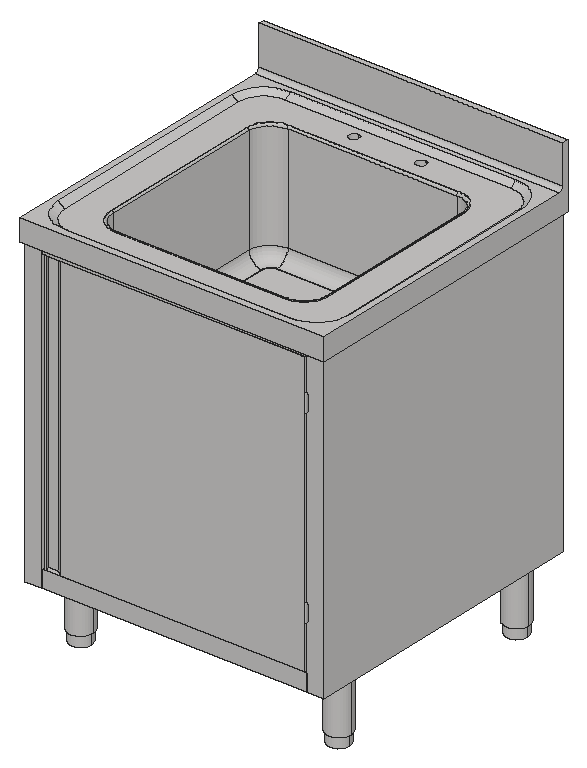
Revit family "QF_ELECTROLUXPROFESSIONAL_134132_GLG716P", category Attrezzature speciali, Revit 2020
Family settings
  Quota connettore circolare = Usa diametro
  Tipo di parte = Normale
  Basato su piano di lavoro = No
  Sempre verticale = Sì
  Taglio con vuoti quando caricato = No
  Condiviso = No
  Punto di calcolo locali = No
Parameters (values of type "Standard")
  Weight = 34.00 kg
  Watts = 0 W
  Volts = 0 V
  URL Manufacturer = "https://www.electroluxprofessional.com/"
  URL = "https://www.electroluxprofessional.com/"
  Steam Supply Size = 0 mm
  Steam Supply Minimum Pressure = 0.0 Pa
  Steam Supply Maximum Pressure = 0.0 Pa
  Steam Consumption per Hour = 0
  Refrigeration Suction Line Size = 0.0 mm
  Refrigeration Liquid Line Size = 0.0 mm
  Refrigerant Compressor Remote = yes
  Prospetto di default = 0.0 mm
  Phase = 0
  Modello = "GLG716P"
  Produttore = "Electrolux Professional"
  Length Actual = 700.0 mm  # constant formula
  Item Number = "134132"
  Hot Water Size = 0 mm
  Height Actual = 1000.0 mm  # constant formula
  HP = "0 HP"
  Gas Size = 0 mm
  Gas KW = 0
  Gas Input Pressure = 0 W
  Direct Waste Size = 0 mm
  Descrizione = "SINK CUPBOARD 1 BOWL 700 MM"
  Depth Actual = 700.0 mm  # constant formula
  Cycle = 0 Hz
  Condensate Return Size = 0 mm
  Compressed Air Volume = 0.0 L/s
  Compressed Air Size = 0 mm
  Compressed Air Pressure = 0.0 Pa
  Cold Water Size = 0 mm
  Accessory = yes
Reference planes
  plane 1 "Center (Front/Back)": y = 0
  plane 2: z = 0
  plane 3 "Center (Left/Right)": x = 150
  plane 4 "LEFT": x = -200
  plane 5 "RIGHT": x = 500
  plane 6 "BACK": y = 350
  plane 7 "FRONT": y = -350
  plane 8 "Base": z = 850
  plane 9 "TOP": z = 900
  plane 10 "Sink_Base": z = 608
  plane 11 "ScaricoX": x = 300
  plane 12 "ScaricoY": y = 127
  plane 13: z = 441
  plane 14: x = 227.5
  plane 15: y = 270
  plane 16: x = 72.5
Forms (mm)
  Extrusion 1, solid, material "QF_Finishes_Stainless Steel"
    sketch origin (150, 0, 0) x (0, 1, 0) y (0, 0, 1)
      loop
        line (-350, 850) -> (350, 850) -> (350, 1000) -> (337, 1000) -> (337, 910)
        arc (337, 910) -> (334.071, 902.929) -> (327, 900) r 10
        line (327, 900) -> (-350, 900) -> (-350, 850)
    from 350 to -350
  Extrusion 2, void
    sketch origin (0, 0, 900) x (0, 1, 0) y (-1, 0, 0)
      loop
        arc (-214, 100) -> (-252.891, 83.891) -> (-269, 45) r 55
        line (-269, 45) -> (-269, -345)
        arc (-269, -345) -> (-252.874, -383.908) -> (-213.951, -400) r 55
        line (-213.951, -400) -> (176.049, -400)
        arc (176.049, -400) -> (214.908, -383.874) -> (231, -345) r 55
        line (231, -345) -> (231, 45)
        arc (231, 45) -> (214.891, 83.891) -> (176, 100) r 55
        line (176, 100) -> (-214, 100)
    from 0 to -50
  Sweep 3, solid, material "QF_Finishes_Stainless Steel"
    path origin (0, 0, 900) x (0, 1, 0) y (-1, 0, 0)
      loop
        line (176, 100) -> (-214, 100)
        arc (-214, 100) -> (-252.891, 83.891) -> (-269, 45) r 55
        line (-269, 45) -> (-269, -345)
        arc (-269, -345) -> (-252.874, -383.908) -> (-213.951, -400) r 55
        line (-213.951, -400) -> (176.049, -400)
        arc (176.049, -400) -> (214.908, -383.874) -> (231, -345) r 55
        line (231, -345) -> (231, 45)
        arc (231, 45) -> (214.891, 83.891) -> (176, 100) r 55
    profile origin (-100, -19, 900) x (1, 0, 0) y (0, 0, 1)
      loop
        arc (5, -15) -> (3.536, -11.464) -> (0, -10) r 5
        line (0, -10) -> (0, -11.5)
        arc (0, -11.5) -> (2.475, -12.525) -> (3.5, -15) r 3.5
        line (3.5, -15) -> (3.5, -260.5)
        arc (3.5, -260.5) -> (12.726, -282.774) -> (35, -292) r 31.5
        line (35, -292) -> (35, -290.5)
        arc (35, -290.5) -> (13.787, -281.713) -> (5, -260.5) r 30
        line (5, -260.5) -> (5, -15)
  Extrusion 4, solid, material "QF_Finishes_Stainless Steel"
    sketch origin (0, 0, 608) x (0, -1, 0) y (1, 0, 0)
      loop
        arc (-196, -45) -> (-190.142, -59.142) -> (-176, -65) r 20
        line (-176, -65) -> (214, -65)
        arc (214, -65) -> (228.142, -59.142) -> (234, -45) r 20
        line (234, -45) -> (234, 345)
        arc (234, 345) -> (228.132, 359.153) -> (213.97, 365) r 20
        line (213.97, 365) -> (-176.03, 365)
        arc (-176.03, 365) -> (-190.153, 359.132) -> (-196, 345) r 20
        line (-196, 345) -> (-196, -45)
    from 0 to 1.5
  Extrusion 5, void
    sketch origin (0, 0, 608) x (0, -1, 0) y (1, 0, 0)
      loop
        circle (-127, 300) r 28
    from 32.343 to -63.145
  Revolve 6, solid, material "QF_Finishes_White"
    sketch origin (300, 0, 0) x (0, -1, 0) y (0, 0, 1)
      loop
        line (-143.5, 592.617) -> (-143.5, 578.5) -> (-142, 578.5) -> (-142, 593.449) -> (-153.558, 600.671) -> (-153.558, 608) -> (-155.058, 608) -> (-155.058, 599.84) -> (-143.5, 592.617)
      axis (-127, 608) -> (-127, 578.5)
    angle from 0 to 360
  Extrusion 7, void
    sketch origin (0, 0, 608) x (0, -1, 0) y (1, 0, 0)
      loop
        circle (-270, 227.5) r 11.5
      loop
        circle (-270, 72.5) r 11.5
    from 242 to 292
  Blend 8, void
    base sketch origin (0, 0, 900) x (0, 1, 0) y (-1, 0, 0)
      loop
        arc (314.887, 109.887) -> (292.92, 162.92) -> (239.887, 184.887) r 75
        line (239.887, 184.887) -> (-259.887, 184.887)
        arc (-259.887, 184.887) -> (-312.92, 162.92) -> (-334.887, 109.887) r 75
        line (-334.887, 109.887) -> (-334.887, -409.887)
        arc (-334.887, -409.887) -> (-312.92, -462.92) -> (-259.887, -484.887) r 75
        line (-259.887, -484.887) -> (239.887, -484.887)
        arc (239.887, -484.887) -> (292.92, -462.92) -> (314.887, -409.887) r 75
        line (314.887, -409.887) -> (314.887, 109.887)
    top sketch origin (0, 0, 900) x (0, 1, 0) y (-1, 0, 0)
      loop
        arc (299.887, 109.887) -> (282.313, 152.313) -> (239.887, 169.887) r 60
        line (239.887, 169.887) -> (-259.887, 169.887)
        arc (-259.887, 169.887) -> (-302.313, 152.313) -> (-319.887, 109.887) r 60
        line (-319.887, 109.887) -> (-319.887, -409.887)
        arc (-319.887, -409.887) -> (-302.313, -452.313) -> (-259.887, -469.887) r 60
        line (-259.887, -469.887) -> (239.887, -469.887)
        arc (239.887, -469.887) -> (282.313, -452.313) -> (299.887, -409.887) r 60
        line (299.887, -409.887) -> (299.887, 109.887)
    from 0 to -10
Cuts and joins
  Extrusion 2, Extrusion 7, Blend 8 cuts Extrusion 1
  Extrusion 5 cuts Extrusion 4
Lines and regions (mm)
  symbolic lines
    curve 1: line (500, 350, 900) -> (-200, 350, 900)
    curve 2: line (-200, 350, 900) -> (-200, -350, 900)
    curve 3: line (-200, -350, 900) -> (500, -350, 900)
    curve 4: line (500, -350, 900) -> (500, 350, 900)
    curve 5: line (500, 337, 900) -> (-200, 337, 900)
    curve 6: line (-109.887, 314.887, 608) -> (409.887, 314.887, 608)
    curve 7: arc (-109.887, 314.887, 608) -> (-162.92, 292.92, 608) -> (-184.887, 239.887, 608) r 75
    curve 8: line (-184.887, -259.887, 608) -> (-184.887, 239.887, 608)
    curve 9: arc (-184.887, -259.887, 608) -> (-162.92, -312.92, 608) -> (-109.887, -334.887, 608) r 75
    curve 10: line (409.887, -334.887, 608) -> (-109.887, -334.887, 608)
    curve 11: arc (409.887, -334.887, 608) -> (462.92, -312.92, 608) -> (484.887, -259.887, 608) r 75
    curve 12: line (484.887, 239.887, 608) -> (484.887, -259.887, 608)
    curve 13: arc (484.887, 239.887, 608) -> (462.92, 292.92, 608) -> (409.887, 314.887, 608) r 75
    curve 14: arc (400, 176.049, 608) -> (383.874, 214.908, 608) -> (345, 231, 608) r 55
    curve 15: line (-45, 231, 608) -> (345, 231, 608)
    curve 16: arc (-45, 231, 608) -> (-83.891, 214.891, 608) -> (-100, 176, 608) r 55
    curve 17: line (-100, -214, 608) -> (-100, 176, 608)
    curve 18: arc (-100, -214, 608) -> (-83.891, -252.891, 608) -> (-45, -269, 608) r 55
    curve 19: line (345, -269, 608) -> (-45, -269, 608)
    curve 20: arc (345, -269, 608) -> (383.908, -252.874, 608) -> (400, -213.951, 608) r 55
    curve 21: line (400, 176.049, 608) -> (400, -213.951, 608)
    curve 22: line (-45, 196, 608) -> (345, 196, 608)
    curve 23: arc (-45, 196, 608) -> (-59.142, 190.142, 608) -> (-65, 176, 608) r 20
    curve 24: line (-65, -214, 608) -> (-65, 176, 608)
    curve 25: line (345, -234, 608) -> (-45, -234, 608)
    curve 26: arc (-65, -214, 608) -> (-59.142, -228.142, 608) -> (-45, -234, 608) r 20
    curve 27: arc (345, -234, 608) -> (359.153, -228.132, 608) -> (365, -213.97, 608) r 20
    curve 28: line (365, 176.03, 608) -> (365, -213.97, 608)
    curve 29: arc (365, 176.03, 608) -> (359.132, 190.153, 608) -> (345, 196, 608) r 20
    curve 30: circle (300, 127, 608) r 28 normal (0, 0, 1)
    curve 31: circle (300, 127, 608) r 15 normal (0, 0, -1)
    curve 32: circle (72.5, 270, 608) r 11.5 normal (0, 0, 1)
    curve 33: circle (227.5, 270, 608) r 11.5 normal (0, 0, 1)
    curve 34: arc (-109.887, 299.887, 608) -> (-152.313, 282.313, 608) -> (-169.887, 239.887, 608) r 60
    curve 35: line (409.887, 299.887, 608) -> (-109.887, 299.887, 608)
    curve 36: line (-169.887, 239.887, 608) -> (-169.887, -259.887, 608)
    curve 37: arc (-169.887, -259.887, 608) -> (-152.313, -302.313, 608) -> (-109.887, -319.887, 608) r 60
    curve 38: line (-109.887, -319.887, 608) -> (409.887, -319.887, 608)
    curve 39: arc (409.887, -319.887, 608) -> (452.313, -302.313, 608) -> (469.887, -259.887, 608) r 60
    curve 40: line (469.887, -259.887, 608) -> (469.887, 239.887, 608)
    curve 41: arc (469.887, 239.887, 608) -> (452.313, 282.313, 608) -> (409.887, 299.887, 608) r 60
Dimensions and locks
  plane 4 "LEFT" to plane 5 "RIGHT" = 700.0 mm
  equal spacing: plane 4 "LEFT", plane 3 "Center (Left/Right)", plane 5 "RIGHT"
  locked: plane 8 "Base" to level at 850
  locked: Extrusion 1 to level at 1000
  plane 9 "TOP" to level = 900.0 mm
  plane 6 "BACK" to plane 7 "FRONT" = 700.0 mm
  equal spacing: plane 6 "BACK", plane 1 "Center (Front/Back)", plane 7 "FRONT"
  plane 10 "Sink_Base" to level = 608.0 mm
  locked: plane 6 "BACK" to plane 12 "ScaricoY" at 223
  locked: plane 11 "ScaricoX" to plane 5 "RIGHT" at 200
  plane 13 to level = 441.0 mm
  plane 6 "BACK" to plane 15 = 80.0 mm
  plane 16 to plane 14 = 155.0 mm
  equal spacing: plane 16, plane 3 "Center (Left/Right)", plane 14
  aligned and locked: level to plane 2
  aligned and locked: Extrusion 1 to plane 4 "LEFT"
  aligned and locked: plane 5 "RIGHT" to Extrusion 1
  aligned and locked: curve 2 to plane 4 "LEFT"
Automatic sketch dimensions
  Extrusion 1 sketch curve to plane 7 "FRONT" = 0.0 mm
  Extrusion 1 sketch curve to plane 9 "TOP" = 0.0 mm
  Extrusion 1 sketch curve to plane 6 "BACK" = 0.0 mm
  Extrusion 1 sketch curve to plane 8 "Base" = 0.0 mm
  plane 9 "TOP" to Extrusion 1 sketch curve = 10.0 mm
  Extrusion 1 sketch curve to plane 6 "BACK" = 13.0 mm
  Extrusion 1 sketch curve to Extrusion 1 sketch curve = 90.0 mm
  curve 3 to plane 7 "FRONT" = 0.0 mm
  curve 5 to plane 5 "RIGHT" = 0.0 mm
  curve 4 to plane 6 "BACK" = 0.0 mm
  curve 5 to plane 6 "BACK" = 13.0 mm
  Extrusion 2 sketch curve to Extrusion 2 sketch curve = 55.0 mm  (x4)
  Extrusion 2 sketch curve to Extrusion 2 sketch curve = 0.0 mm  (x5)
  Sweep 3 sketch curve to Sweep 3 sketch curve = 55.0 mm  (x3)
  Sweep 3 sketch curve to Sweep 3 sketch curve = 0.049 mm  (x2)
  Sweep 3 sketch curve to Sweep 3 sketch curve = 0.0 mm  (x4)
  profile plane to Sweep 3 sketch curve = 0.0 mm
  Sweep 3 sketch curve to profile plane = 3.5 mm
  Sweep 3 sketch curve to Sweep 3 sketch curve = 1.5 mm
  Sweep 3 sketch curve to Sweep 3 sketch curve = 30.0 mm
  Sweep 3 sketch curve to plane 9 "TOP" = 260.5 mm
  Sweep 3 sketch curve to plane 9 "TOP" = 15.0 mm
  Extrusion 4 sketch curve to Extrusion 4 sketch curve = 19.97 mm
  Extrusion 4 sketch curve to Extrusion 4 sketch curve = 20.0 mm  (x4)
  Extrusion 4 sketch curve to Extrusion 4 sketch curve = 0.03 mm  (x2)
  Extrusion 4 sketch curve to Extrusion 4 sketch curve = 0.0 mm  (x2)
  Extrusion 5 sketch curve to plane 11 "ScaricoX" = 0.0 mm
  Extrusion 5 sketch curve to plane 12 "ScaricoY" = 0.0 mm
  Revolve 6 sketch curve to plane 12 "ScaricoY" = 0.0 mm
  plane 12 "ScaricoY" to Revolve 6 sketch curve = 15.0 mm
  Revolve 6 sketch curve to Revolve 6 sketch curve = 1.5 mm  (x2)
  plane 10 "Sink_Base" to Revolve 6 sketch curve = 7.329 mm
  Revolve 6 sketch curve to Revolve 6 sketch curve = 10.058 mm
  plane 10 "Sink_Base" to Revolve 6 sketch curve = 8.16 mm
  Revolve 6 sketch curve to Revolve 6 sketch curve = 7.222 mm
  Revolve 6 sketch curve to Revolve 6 sketch curve = 0.831 mm
  Revolve 6 sketch curve to Revolve 6 sketch curve = 14.117 mm
  Revolve 6 sketch curve to Revolve 6 sketch curve = 24.0 mm
  Revolve 6 sketch curve to plane 10 "Sink_Base" = 0.0 mm
  Revolve 6 sketch curve to plane 10 "Sink_Base" = 26.5 mm
  Extrusion 7 sketch curve to plane 15 = 0.0 mm  (x2)
  Extrusion 7 sketch curve to plane 14 = 0.0 mm
  Extrusion 7 sketch curve to plane 16 = 0.0 mm
  curve 16 to curve 23 = 0.0 mm  (x3)
  curve 6 to plane 6 "BACK" = 35.113 mm
  plane 4 "LEFT" to curve 8 = 15.113 mm
  curve 16 to curve 22 = 35.0 mm
  plane 12 "ScaricoY" to curve 21 = 49.049 mm
  curve 22 to curve 16 = 20.0 mm
  curve 22 to curve 14 = 20.0 mm
  curve 20 to plane 11 "ScaricoX" = 45.0 mm
  curve 21 to curve 20 = 0.049 mm
  curve 20 to curve 11 = 45.936 mm
  plane 7 "FRONT" to curve 10 = 15.113 mm
  curve 9 to curve 17 = 9.887 mm
  curve 14 to plane 11 "ScaricoX" = 45.0 mm  (x2)
  curve 24 to curve 18 = 0.0 mm
  curve 15 to curve 14 = 0.0 mm
  curve 22 to curve 14 = 0.0 mm
  curve 18 to curve 26 = 0.0 mm
  curve 25 to curve 20 = 0.0 mm
  curve 27 to curve 20 = 0.03 mm
  curve 28 to curve 14 = 0.03 mm
  curve 14 to curve 29 = 0.0 mm  (x3)
  curve 29 to curve 22 = 0.0 mm
  plane 7 "FRONT" to Blend 8 sketch curve = 15.113 mm
  plane 4 "LEFT" to Blend 8 sketch curve = 15.113 mm
  Blend 8 sketch curve to plane 5 "RIGHT" = 15.113 mm
  Blend 8 sketch curve to plane 6 "BACK" = 35.113 mm
  plane 15 to Blend 8 sketch curve = 29.887 mm
  curve 7 to curve 34 = 0.0 mm  (x3)
  curve 30 to curve 31 = 0.0 mm  (x2)
  curve 32 to plane 15 = 0.0 mm
  curve 33 to plane 14 = 0.0 mm
  curve 33 to plane 15 = 0.0 mm
  curve 30 to plane 11 "ScaricoX" = 0.0 mm
  curve 30 to plane 12 "ScaricoY" = 0.0 mm
  curve 32 to plane 16 = 0.0 mm
  curve 6 to curve 35 = 15.0 mm
  curve 9 to curve 37 = 0.0 mm  (x2)
  curve 11 to curve 39 = 0.0 mm  (x3)
  curve 40 to curve 12 = 0.0 mm
  Extrusion 2 sketch curve to Extrusion 2 sketch curve = 0.049 mm
  Extrusion 2 sketch curve to plane 11 "ScaricoX" = 45.0 mm
  Sweep 3 sketch curve to plane 11 "ScaricoX" = 45.0 mm
  Extrusion 4 sketch curve to plane 11 "ScaricoX" = 45.0 mm
  curve 14 to curve 41 = 9.887 mm
  Blend 8 sketch curve to plane 5 "RIGHT" = 90.113 mm
  plane 16 to Extrusion 2 sketch curve = 117.5 mm  (x2)
  plane 16 to Sweep 3 sketch curve = 117.5 mm
  plane 16 to Extrusion 4 sketch curve = 117.5 mm
  plane 4 "LEFT" to Blend 8 sketch curve = 90.113 mm
  plane 7 "FRONT" to Extrusion 2 sketch curve = 136.049 mm
  plane 7 "FRONT" to Sweep 3 sketch curve = 136.049 mm
  plane 7 "FRONT" to Extrusion 4 sketch curve = 136.03 mm
  curve 13 to curve 41 = 0.0 mm  (x2)
  curve 20 to curve 27 = 0.0 mm
  curve 21 to curve 39 = 105.936 mm
  curve 26 to curve 38 = 105.887 mm
  curve 18 to curve 25 = 20.0 mm
  curve 18 to curve 36 = 45.887 mm
  plane 7 "FRONT" to Blend 8 sketch curve = 90.113 mm  (x4)
  plane 7 "FRONT" to Blend 8 sketch curve = 30.113 mm
  plane 12 "ScaricoY" to Extrusion 2 sketch curve = 49.0 mm  (x2)
  plane 12 "ScaricoY" to Sweep 3 sketch curve = 49.0 mm  (x2)
  Sweep 3 sketch curve to plane 15 = 39.0 mm
  plane 12 "ScaricoY" to Extrusion 4 sketch curve = 49.0 mm
  curve 41 to plane 15 = 30.113 mm
  curve 36 to plane 15 = 30.113 mm
  curve 15 to plane 15 = 39.0 mm
  Blend 8 sketch curve to plane 15 = 30.113 mm  (x4)
  radius of Extrusion 5 sketch curve = 28.0 mm
  radius of Extrusion 7 sketch curve = 11.5 mm  (x2)
  radius of curve 30 = 28.0 mm
  radius of curve 31 = 15.0 mm
  radius of curve 32 = 11.5 mm
  radius of curve 33 = 11.5 mm
Nested families
  nested 1: "TAV_W700_1DOOR" at (150, 0, 0), type "TAV_W700_1DOOR"
Connectors
  piping at (300, 127, 578.5), diameter 30
    settings: on Revolve 6, index 1, connector inside diameter 609.6 mm, connector length 0.0 mm, flow factor 0, pipe flow 0.0 L/s, pressure drop 0.0 Pa, fitting loss kfactor 0, connector angle 0.00°, fixture units 0, engagement length 0.0 mm, angle of deflection 0.00°, flow configuration 1, flow direction 2, fitting loss method 0, system type 16, joint type 0, gender type 0, connector reference index -1, connector utility 0, adjustable connector no, is connector primary yes, connector description "Drain"
Definition of nested family "TAV_W700_1DOOR"
  Parameters
    Width = 700.0 mm
    Wdoor = Width / 2  # 350.0 mm
    Right = Width / 2  # 350.0 mm
    Default Elevation = 0.0 mm
    Left = -Width / 2  # -350.0 mm
    Height = 1000.0 mm
    HFeet = 150.0 mm
    HBase = Height - 150.0 mm  # 850.0 mm
    Depth = 700.0 mm
    DY_Feet_Front = 102.6 mm
    DY_Feet_Back = 74.5 mm
    DX_Feet_Right = 47.6 mm
    DX_Feet_Left = 47.6 mm
    BorderLR = 5.5 mm
    BorderFront = 5.5 mm
    BorderBack = 5.5 mm
  Reference planes
    plane 1 "Center (Front/Back)": y = 0
    plane 2: z = 0
    plane 3 "Center (Left/Right)": x = 0
    plane 4 "LEFT": x = -350
    plane 5 "RIGHT": x = 350
    plane 6 "BACK": y = 350
    plane 7 "FRONT": y = -350
    plane 8 "Base": z = 850
    plane 9 "TOP": z = 900
    plane 10 "FeetLeft": x = -296.9
    plane 11 "FeetRight": x = 296.9
    plane 12: y = 270
    plane 13: y = -241.9
    plane 14 "BodyLeft": x = -344.5
    plane 15 "BodyFront": y = -344.5
    plane 16 "BodyRight": x = 344.5
    plane 17 "BodyBack": y = 344.5
    plane 18 "FEET": z = 150
    plane 19: x = 55.5
    plane 20: x = -55.5
  Forms (mm)
    Extrusion 1, solid
      sketch origin (0, 0, 150) x (-1, 0, 0) y (0, -1, 0)
        loop
          line (344.5, 344.5) -> (304.5, 344.5) -> (304.5, -344.5) -> (344.5, -344.5) -> (344.5, 344.5)
        loop
          line (-304.5, -344.5) -> (-304.5, 344.5) -> (-344.5, 344.5) -> (-344.5, -344.5) -> (-304.5, -344.5)
      from 0 to 700
    Extrusion 2, solid
      sketch origin (0, 0, 150) x (-1, 0, 0) y (0, -1, 0)
        loop
          line (304.5, -344.5) -> (304.5, 344.5) -> (-304.5, 344.5) -> (-304.5, -344.5) -> (304.5, -344.5)
      from 0 to 40
    Extrusion 3, solid
      sketch origin (0, 0, 150) x (-1, 0, 0) y (0, -1, 0)
        loop
          line (304.5, -344.5) -> (304.5, -304.5) -> (-304.5, -304.5) -> (-304.5, -344.5) -> (304.5, -344.5)
      from 40 to 700
    Extrusion 4, solid
      sketch origin (0, 0, 0.218) x (0, 1, 0) y (0, 0, 1)
        loop
          line (-304.5, 839.782) -> (-304.5, 850) -> (-344.5, 850) -> (-344.5, 839.782) -> (-304.5, 839.782)
      from -304.5 to 304.5
    Extrusion 5, solid
      sketch origin (-152.5, -14.5, 200) x (0, 1, 0) y (-1, 0, 0)
        loop
          line (-330, -454) -> (-310, -454) -> (-310, 149) -> (-320, 149) -> (-330, 144) -> (-329.106, 142.211) -> (-319.106, 147.211) -> (-319.106, 123.526) -> (-330, 109) -> (-330, -454)
      from -10 to 640
    Extrusion 6, solid
      sketch origin (-152.5, -14.5, 200) x (0, 1, 0) y (-1, 0, 0)
        loop
          circle (-330, -456.5) r 2.5
      from 94 to 134
    Extrusion 7, solid
      sketch origin (-152.5, -14.5, 200) x (0, 1, 0) y (-1, 0, 0)
        loop
          circle (-330, -456.5) r 2.5
      from 527 to 567
    Extrusion 8, solid, detail levels coarse
      sketch origin (-28.5, -798.5, 200) x (-1, 0, 0) y (0, -1, 0)
        loop
          line (-330, -454) -> (-310, -454) -> (-310, 152) -> (-320, 152) -> (-330, 147) -> (-329.106, 145.211) -> (-319.106, 150.211) -> (-319.106, 126.526) -> (-330, 112) -> (-330, -454)
      from -10 to 640
    Extrusion 9, solid, detail levels coarse
      sketch origin (-152.5, -14.5, 200) x (0, 1, 0) y (-1, 0, 0)
        loop
          line (-936, -434) -> (-350, -434) -> (-350, 152)
          arc (-350, 152) -> (-764.365, -19.635) -> (-936, -434) r 586
      from -10 to 640
  Lines and regions (mm)
    symbolic lines, detail levels coarse
      curve 1: line (-350, 350, 150) -> (350, 350, 150)
      curve 2: line (-350, -350, 150) -> (-350, 350, 150)
      curve 3: line (350, -350, 150) -> (-350, -350, 150)
      curve 4: line (350, 350, 150) -> (350, -350, 150)
      curve 5: line (301.5, -945.5, 200) -> (301.5, -364.5, 200)
    symbolic lines
      curve 6: line (281.5, -950.5, 150) -> (291.5, -950.5, 150)
      curve 7: arc (-304.5, -364.5, 150) -> (-132.865, -778.865, 150) -> (281.5, -950.5, 150) r 586
      curve 8: line (281.5, -950.5, 150) -> (291.5, -950.5, 150)
      curve 9: line (291.5, -950.5, 150) -> (301.5, -945.5, 150)
  Dimensions and locks
    equal spacing: plane 4 "LEFT", plane 3 "Center (Left/Right)", plane 5 "RIGHT"
    "HBase": plane 8 "Base" to level
    plane 9 "TOP" to level = 900.0 mm
    "Depth": plane 6 "BACK" to plane 7 "FRONT"
    equal spacing: plane 6 "BACK", plane 1 "Center (Front/Back)", plane 7 "FRONT"
    "BorderFront": plane 15 "BodyFront" to plane 7 "FRONT"
    "BorderBack": plane 6 "BACK" to plane 17 "BodyBack"
    "DY_Feet_Front": plane 13 to plane 15 "BodyFront"
    "DY_Feet_Back": plane 17 "BodyBack" to plane 12
    plane 12 to plane 13 = 511.9 mm
    "HFeet": plane 18 "FEET" to level
    Extrusion 2 to Extrusion 3 sketch curve = 40.0 mm
    "Width": plane 4 "LEFT" to plane 5 "RIGHT"
    "BorderLR": plane 14 "BodyLeft" to plane 4 "LEFT"
    "DX_Feet_Left": plane 10 "FeetLeft" to plane 14 "BodyLeft"
    "BorderLR": plane 5 "RIGHT" to plane 16 "BodyRight"
    "DX_Feet_Right": plane 11 "FeetRight" to plane 16 "BodyRight"
    aligned and locked: level to plane 2
    aligned and locked: plane 10 "FeetLeft" to nested 1
    aligned and locked: nested 1 to plane 13
    aligned and locked: plane 11 "FeetRight" to nested 2
    aligned and locked: nested 2 to plane 13
    aligned and locked: plane 11 "FeetRight" to nested 4
    aligned and locked: nested 4 to plane 12
    aligned and locked: plane 10 "FeetLeft" to nested 3
    aligned and locked: nested 3 to plane 12
    aligned and locked: Extrusion 1 sketch curve to plane 15 "BodyFront"
    aligned and locked: Extrusion 1 sketch curve to plane 17 "BodyBack"
    aligned and locked: plane 15 "BodyFront" to Extrusion 1 sketch curve
    aligned and locked: Extrusion 2 sketch curve to plane 17 "BodyBack"
    aligned and locked: plane 8 "Base" to Extrusion 1
    aligned and locked: plane 14 "BodyLeft" to Extrusion 1 sketch curve
    aligned and locked: plane 16 "BodyRight" to Extrusion 1 sketch curve
    aligned and locked: plane 15 "BodyFront" to Extrusion 2 sketch curve
  Automatic sketch dimensions
    Extrusion 3 sketch curve to plane 17 "BodyBack" = 0.0 mm
    Extrusion 1 sketch curve to plane 10 "FeetLeft" = 7.6 mm
    Extrusion 1 sketch curve to plane 17 "BodyBack" = 0.0 mm
    plane 11 "FeetRight" to Extrusion 1 sketch curve = 7.6 mm
    Extrusion 4 sketch curve to plane 15 "BodyFront" = 0.0 mm
    plane 8 "Base" to Extrusion 4 sketch curve = 0.218 mm
    Extrusion 4 sketch curve to plane 8 "Base" = 10.0 mm
    plane 15 "BodyFront" to Extrusion 4 sketch curve = 40.0 mm
    plane 11 "FeetRight" to Extrusion 2 sketch curve = 7.6 mm
    Extrusion 2 sketch curve to plane 10 "FeetLeft" = 7.6 mm
    plane 11 "FeetRight" to Extrusion 3 sketch curve = 7.6 mm
    Extrusion 3 sketch curve to plane 10 "FeetLeft" = 7.6 mm
    Extrusion 5 sketch curve to plane 15 "BodyFront" = 0.0 mm  (x2)
    plane 10 "FeetLeft" to Extrusion 5 sketch curve = 2.189 mm
    plane 15 "BodyFront" to Extrusion 5 sketch curve = 0.894 mm
    plane 15 "BodyFront" to Extrusion 5 sketch curve = 10.0 mm
    plane 15 "BodyFront" to Extrusion 5 sketch curve = 10.894 mm
    Extrusion 5 sketch curve to Extrusion 5 sketch curve = 9.106 mm
    plane 10 "FeetLeft" to Extrusion 5 sketch curve = 20.874 mm
    Extrusion 5 sketch curve to Extrusion 5 sketch curve = 14.526 mm
    plane 11 "FeetRight" to Extrusion 5 sketch curve = 4.6 mm
    Extrusion 5 sketch curve to Extrusion 5 sketch curve = 1.789 mm
    Extrusion 6 sketch curve to plane 15 "BodyFront" = 0.0 mm
    plane 11 "FeetRight" to Extrusion 6 sketch curve = 7.1 mm
    Extrusion 7 sketch curve to plane 15 "BodyFront" = 0.0 mm
    plane 11 "FeetRight" to Extrusion 7 sketch curve = 7.1 mm
    Extrusion 8 sketch curve to plane 15 "BodyFront" = 0.0 mm
    plane 11 "FeetRight" to Extrusion 8 sketch curve = 4.6 mm  (x2)
    Extrusion 8 sketch curve to Extrusion 8 sketch curve = 0.894 mm
    Extrusion 8 sketch curve to plane 11 "FeetRight" = 5.4 mm
    Extrusion 8 sketch curve to plane 11 "FeetRight" = 6.294 mm
    Extrusion 8 sketch curve to Extrusion 8 sketch curve = 9.106 mm
    Extrusion 8 sketch curve to plane 7 "FRONT" = 560.5 mm
    Extrusion 8 sketch curve to Extrusion 8 sketch curve = 14.526 mm
    Extrusion 8 sketch curve to Extrusion 8 sketch curve = 18.685 mm
    Extrusion 8 sketch curve to Extrusion 8 sketch curve = 1.789 mm
    curve 1 to plane 5 "RIGHT" = 0.0 mm
    curve 2 to plane 4 "LEFT" = 0.0 mm
    curve 1 to plane 6 "BACK" = 0.0 mm
    curve 3 to plane 7 "FRONT" = 0.0 mm
    curve 6 to plane 11 "FeetRight" = 5.4 mm
    curve 6 to curve 6 = 10.0 mm
    curve 6 to plane 7 "FRONT" = 600.5 mm
    Extrusion 9 sketch curve to plane 7 "FRONT" = 14.5 mm
    Extrusion 9 sketch curve to plane 11 "FeetRight" = 15.4 mm
    Extrusion 9 sketch curve to Extrusion 9 sketch curve = 586.0 mm
    curve 7 to plane 7 "FRONT" = 14.5 mm
    plane 11 "FeetRight" to curve 9 = 4.6 mm
    curve 9 to curve 6 = 5.0 mm
    plane 11 "FeetRight" to curve 5 = 4.6 mm
    curve 5 to plane 7 "FRONT" = 595.5 mm
    curve 5 to plane 7 "FRONT" = 14.5 mm
    radius of Extrusion 6 sketch curve = 2.5 mm
    radius of Extrusion 7 sketch curve = 2.5 mm
  Nested families
    nested 1: "FEET_D58-150" at (-296.9, -241.9, 0), type "FEET_D58-150"
    nested 2: "FEET_D58-150" at (296.9, -241.9, 0), type "FEET_D58-150"
    nested 3: "FEET_D58-150" at (-296.9, 270, 0), type "FEET_D58-150"
    nested 4: "FEET_D58-150" at (296.9, 270, 0), type "FEET_D58-150"
  Definition of nested family "FEET_D58-150"
    Parameters
      Default Elevation = 0.0 mm
      FEET = 150.0 mm
    Reference planes
      plane 1 "Center (Front/Back)": y = 0
      plane 2: z = 0
      plane 3 "Center (Left/Right)": x = 0
      plane 4: z = 150
    Forms (mm)
      Extrusion 1, solid
        sketch origin (0, 0, 0) x (1, 0, 0) y (0, 1, 0)
          loop
            circle (0, 0) r 25
        from 0 to 25
      Extrusion 2, solid
        sketch origin (0, 0, 0) x (1, 0, 0) y (0, 1, 0)
          loop
            circle (0.061, 0) r 29
        from 25 to 150 <- "FEET"
    Lines and regions (mm)
      symbolic lines
        curve 1: line (0, -1.503, 0) -> (0, 1.508, 0)
        curve 2: line (1.561, 0, 0) -> (-1.439, 0, 0)
    Dimensions and locks
      "FEET": plane 4 to plane 2
      aligned and locked: level to plane 2
    Automatic sketch dimensions
      plane 1 "Center (Front/Back)" to Extrusion 1 sketch curve = 0.0 mm
      Extrusion 1 sketch curve to plane 3 "Center (Left/Right)" = 0.0 mm
      plane 1 "Center (Front/Back)" to curve 2 = 0.0 mm
      curve 1 to plane 3 "Center (Left/Right)" = 0.0 mm
      curve 2 to plane 3 "Center (Left/Right)" = 1.439 mm
      plane 3 "Center (Left/Right)" to curve 2 = 1.561 mm
      plane 1 "Center (Front/Back)" to curve 1 = 1.503 mm
      curve 1 to plane 1 "Center (Front/Back)" = 1.508 mm
      plane 1 "Center (Front/Back)" to Extrusion 2 sketch curve = 0.0 mm
      plane 3 "Center (Left/Right)" to Extrusion 2 sketch curve = 0.061 mm
      radius of Extrusion 1 sketch curve = 25.0 mm
      radius of Extrusion 2 sketch curve = 29.0 mm
